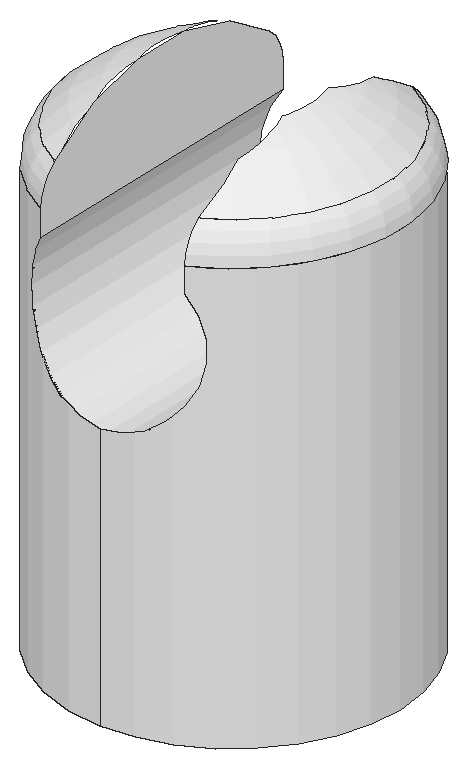
Revit family "Hand_Shower_Holder-GROHE-Tempesta-28605_Series", category Specialty Equipment, host Face, Revit 2019
Family settings
  Host = Face
  Round Connector Dimension = Use Diameter
  Part Type = Normal
  OmniClass Number = 23.45.05.14.17
  OmniClass Title = Showers
  Cut with Voids When Loaded = No
  Shared = Yes
  Room Calculation Point = No
Parameters (values of type "28605001")
  Width = 2 3/8"  # constant formula
  URL = "https://www.grohe.com"
  Type Comments = "Non-Adjustable"
  Model = "28605001"
  Material = "Metal-Grohe-001-Chrome"
  Manufacturer = "Grohe"
  Installation Type = "Wall Mounted"
  Finish = Metal-Grohe-001-Chrome
  Diameter = 1 9/16"  # constant formula
  Description = "WALL MOUNT HAND SHOWER HOLDER"  # constant formula
  Default Elevation = 0"
  Creation Date = "02/14/2024"  # constant formula
  Assembly Code = "D2010710"
Types (4): name | Model | Material | Finish
  (no name) | "28605001" | "Metal-Grohe-001-Chrome" | Metal-Grohe-001-Chrome
  28605001 | "28605001" | "Metal-Grohe-001-Chrome" | Metal-Grohe-001-Chrome
  286052431 | "286052431" | "Metal-Grohe-2431-Matte Black" | Metal-Grohe-2431-Matte Black
  28605EN1 | "28605EN1" | "Plasstic-Grohe-EN1-Brushed Nickel Infinity Finish" | Plasstic-Grohe-EN1-Brushed Nickel Infinity Finish
Reference planes (in)
  plane 1 "Center (Front/Back)": y = 0
  plane 2: z = 0
  plane 3 "Center (Left/Right)": x = 0
  plane 4: z = 2.375
  plane 5: y = 0.78125
  plane 6: y = -0.78125
  plane 7: z = 1.6875
Forms (in)
  Revolve 1, solid, material "Metal-Grohe-001-Chrome" <- "Finish"
    sketch origin (0, 0, -0.02344) x (0, 1, 0) y (0, 0, 1)
      loop
        line (0, 0) -> (0.78125, 0) -> (0.78125, 2.01089)
        arc (0.78125, 2.01089) -> (0.76307, 2.10105) -> (0.71138, 2.17711) r 0.23265
        arc (0.71138, 2.17711) -> (0.38368, 2.38344) -> (0, 2.43589) r 0.91584
        line (0, 2.43589) -> (0, 0)
      axis (0, 2.43589) -> (0, 0)
    angle from 0 to 360
  Extrusion 2, void
    sketch origin (1.69291, 0.60544, 0.28875) x (0, 0, 1) y (-1, 0, 0)
      loop
        line (2.40068, 2.02945) -> (1.58076, 2.02945)
        arc (1.58076, 2.02945) -> (0.93407, 1.69291) -> (1.58076, 1.35638) r 0.41091
        line (1.58076, 1.35638) -> (2.40068, 1.35638) -> (2.40068, 2.02945)
    from -0.17581 to 1.38669
Cuts and joins
  Extrusion 2 cuts Revolve 1
Lines and regions (in)
  Masking region 1
    outline origin (0, 0, 0) x (1, 0, 0) y (0, 0, 1)
      loop
        line (0.78012, 0) -> (0.78012, 1.96431)
        arc (0.78012, 1.96431) -> (0.75192, 2.0882) -> (0.67289, 2.18768) r 0.28626
        arc (0.67289, 2.18768) -> (0.51212, 2.29562) -> (0.3355, 2.375) r 1.14829
        line (0.3355, 2.375) -> (0.3355, 1.86751)
        spline (0.3355, 1.86751) -> (0.37217, 1.80381) -> (0.39688, 1.73383) -> (0.40869, 1.65928) -> (0.40671, 1.58353) -> (0.39087, 1.51004) -> (0.3624, 1.44153) -> (0.32272, 1.3801) -> (0.27289, 1.32689) -> (0.2139, 1.28312) -> (0.14737, 1.25025) -> (0.07562, 1.22994) -> (0, 1.22282)
        spline (0, 1.22282) -> (-0.07562, 1.22994) -> (-0.14737, 1.25025) -> (-0.2139, 1.28312) -> (-0.27289, 1.32689) -> (-0.32272, 1.3801) -> (-0.3624, 1.44153) -> (-0.39087, 1.51004) -> (-0.40671, 1.58353) -> (-0.40869, 1.65928) -> (-0.39688, 1.73383) -> (-0.37217, 1.80381) -> (-0.3355, 1.86751)
        line (-0.3355, 1.86751) -> (-0.3355, 2.375)
        arc (-0.3355, 2.375) -> (-0.51212, 2.29562) -> (-0.67289, 2.18768) r 1.14829
        arc (-0.67289, 2.18768) -> (-0.75192, 2.0882) -> (-0.78012, 1.96431) r 0.28626
        line (-0.78012, 1.96431) -> (-0.78012, 0) -> (0.78012, 0)
Dimensions and locks (in)
  "Width": plane 4 to host face
  equal spacing: plane 5, plane 1 "Center (Front/Back)", plane 6
  "Diameter": plane 5 to plane 6
  plane 7 to host face = 1 11/16"  (x2)
  aligned and locked: plane 2 to host face
  aligned and locked: level to host face
  aligned and locked: plane 1 "Center (Front/Back)" to Revolve 1 sketch curve
Automatic sketch dimensions
  host sketch curve to host sketch curve = 96"  (x2)
  Extrusion 2 sketch curve to plane 3 "Center (Left/Right)" = 0"
  Extrusion 2 sketch curve to plane 7 = 0.05377"
  plane 7 to Extrusion 2 sketch curve = 0.18201"  (x2)
  plane 4 to Extrusion 2 sketch curve = 0.31443"
  plane 3 "Center (Left/Right)" to Extrusion 2 sketch curve = 0.33653"
  Revolve 1 sketch curve to plane 1 "Center (Front/Back)" = 0"
  Revolve 1 sketch curve to plane 5 = 0"
  Revolve 1 sketch curve to plane 1 "Center (Front/Back)" = 0.07059"
  plane 5 to Revolve 1 sketch curve = 0.23265"
  Revolve 1 sketch curve to level = 3/128"
  Revolve 1 sketch curve to plane 7 = 0.18817"
  plane 7 to Revolve 1 sketch curve = 0.29995"
  plane 4 to Revolve 1 sketch curve = 0.03745"
  Revolve 1 sketch curve to Revolve 1 sketch curve = 0.47166"
  Revolve 1 sketch curve to Revolve 1 sketch curve = 0.68911"
  Masking region 1 sketch curve to level = 0"
  Masking region 1 sketch curve to plane 4 = 0"  (x2)
  Masking region 1 sketch curve to plane 3 "Center (Left/Right)" = 0"
  Masking region 1 sketch curve to plane 3 "Center (Left/Right)" = 0.04526"
  Masking region 1 sketch curve to plane 3 "Center (Left/Right)" = 0.3355"
  Masking region 1 sketch curve to Masking region 1 sketch curve = 0.15836"  (x2)
  plane 3 "Center (Left/Right)" to Masking region 1 sketch curve = 0.04526"
  plane 3 "Center (Left/Right)" to Masking region 1 sketch curve = 0.3355"
  plane 3 "Center (Left/Right)" to Masking region 1 sketch curve = 0.78012"
  Masking region 1 sketch curve to plane 7 = 0.46468"
  Masking region 1 sketch curve to Masking region 1 sketch curve = 0.06886"  (x2)
  plane 7 to Masking region 1 sketch curve = 0.18001"  (x2)
  plane 7 to Masking region 1 sketch curve = 0.27681"
  Masking region 1 sketch curve to Masking region 1 sketch curve = 0.0968"
  Masking region 1 sketch curve to Masking region 1 sketch curve = 0"
